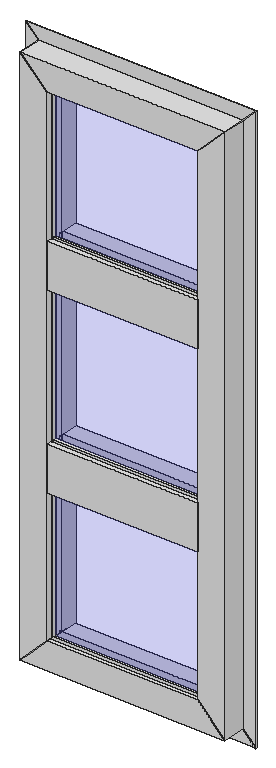
Revit family "511_3V_PW_nailfin", category Windows, host Wall, Revit 2016
Family settings
  Host = Wall
  OmniClass Number = 23.30.20.00
  OmniClass Title = Windows
  Always vertical = Yes
  Cut with Voids When Loaded = No
  Shared = No
  Room Calculation Point = No
Parameters (values of type "18x48")
  MLW = 1 / 8 * Bar set2  # 2"
  Interior Color [instance] = White
  Height = 48"
  Exterior Color [instance] = White
  Default Sill Height = 31.49606"
  Wall Closure = By host
  Width = 18"
  Bar set2 = 1 / 3 * Height  # 16"
  Bar set = 2 / 3 * Height  # 32"
Types (127): name | MLW | Interior Color | Height | Exterior Color | Width | Bar set2 | Bar set
  (no name) | 2" | White | 48" | White | 18" | 16" | 32"
  36x72 | 3" | none | 72" | none | 36" | 24" | 48"
  24x48 | 2" | none | 48" | none | 24" | 16" | 32"
  12x36Min | 1 1/2" | none | 36" | none | 12" | 12" | 24"
  72x120Max | 5" | none | 120" | none | 72" | 40" | 80"
  48x120 | 5" | none | 120" | none | 48" | 40" | 80"
  60x120 | 5" | none | 120" | none | 60" | 40" | 80"
  12x42 | 1 3/4" | none | 42" | none | 12" | 14" | 28"
  12x48 | 2" | none | 48" | none | 12" | 16" | 32"
  12x54 | 2 1/4" | none | 54" | none | 12" | 18" | 36"
  12x60 | 2 1/2" | none | 60" | none | 12" | 20" | 40"
  12x66 | 2 3/4" | none | 66" | none | 12" | 22" | 44"
  18x36 | 1 1/2" | none | 36" | none | 18" | 12" | 24"
  18x42 | 1 3/4" | none | 42" | none | 18" | 14" | 28"
  18x48 | 2" | White | 48" | White | 18" | 16" | 32"
  18x54 | 2 1/4" | none | 54" | none | 18" | 18" | 36"
  18x84 | 3 1/2" | none | 84" | none | 18" | 28" | 56"
  18x60 | 2 1/2" | none | 60" | none | 18" | 20" | 40"
  18x66 | 2 3/4" | none | 66" | none | 18" | 22" | 44"
  18x72 | 3" | none | 72" | none | 18" | 24" | 48"
  18x78 | 3 1/4" | none | 78" | none | 18" | 26" | 52"
  24x36 | 1 1/2" | none | 36" | none | 24" | 12" | 24"
  24x42 | 1 3/4" | none | 42" | none | 24" | 14" | 28"
  24x54 | 2 1/4" | none | 54" | none | 24" | 18" | 36"
  24x72 | 3" | none | 72" | none | 24" | 24" | 48"
  24x102 | 4 1/4" | none | 102" | none | 24" | 34" | 68"
  24x60 | 2 1/2" | none | 60" | none | 24" | 20" | 40"
  24x66 | 2 3/4" | none | 66" | none | 24" | 22" | 44"
  24x78 | 3 1/4" | none | 78" | none | 24" | 26" | 52"
  24x84 | 3 1/2" | none | 84" | none | 24" | 28" | 56"
  24x90 | 3 3/4" | none | 90" | none | 24" | 30" | 60"
  24x96 | 4" | none | 96" | none | 24" | 32" | 64"
  30x36 | 1 1/2" | none | 36" | none | 30" | 12" | 24"
  30x108 | 4 1/2" | none | 108" | none | 30" | 36" | 72"
  30x120 | 5" | none | 120" | none | 30" | 40" | 80"
  30x42 | 1 3/4" | none | 42" | none | 30" | 14" | 28"
  30x48 | 2" | none | 48" | none | 30" | 16" | 32"
  30x54 | 2 1/4" | none | 54" | none | 30" | 18" | 36"
  30x60 | 2 1/2" | none | 60" | none | 30" | 20" | 40"
  30x66 | 2 3/4" | none | 66" | none | 30" | 22" | 44"
  30x72 | 3" | none | 72" | none | 30" | 24" | 48"
  30x78 | 3 1/4" | none | 78" | none | 30" | 26" | 52"
  30x84 | 3 1/2" | none | 84" | none | 30" | 28" | 56"
  30x90 | 3 3/4" | none | 90" | none | 30" | 30" | 60"
  30x96 | 4" | none | 96" | none | 30" | 32" | 64"
  30x102 | 4 1/4" | none | 102" | none | 30" | 34" | 68"
  30x114 | 4 3/4" | none | 114" | none | 30" | 38" | 76"
  36x36 | 1 1/2" | none | 36" | none | 36" | 12" | 24"
  36x42 | 1 3/4" | none | 42" | none | 36" | 14" | 28"
  36x48 | 2" | none | 48" | none | 36" | 16" | 32"
  36x54 | 2 1/4" | none | 54" | none | 36" | 18" | 36"
  36x60 | 2 1/2" | none | 60" | none | 36" | 20" | 40"
  36x66 | 2 3/4" | none | 66" | none | 36" | 22" | 44"
  36x78 | 3 1/4" | none | 78" | none | 36" | 26" | 52"
  36x84 | 3 1/2" | none | 84" | none | 36" | 28" | 56"
  36x90 | 3 3/4" | none | 90" | none | 36" | 30" | 60"
  36x96 | 4" | none | 96" | none | 36" | 32" | 64"
  36x102 | 4 1/4" | none | 102" | none | 36" | 34" | 68"
  36x108 | 4 1/2" | none | 108" | none | 36" | 36" | 72"
  36x114 | 4 3/4" | none | 114" | none | 36" | 38" | 76"
  36x120 | 5" | none | 120" | none | 36" | 40" | 80"
  42x42 | 1 3/4" | none | 42" | none | 42" | 14" | 28"
  42x48 | 2" | none | 48" | none | 42" | 16" | 32"
  42x54 | 2 1/4" | none | 54" | none | 42" | 18" | 36"
  42x60 | 2 1/2" | none | 60" | none | 42" | 20" | 40"
  42x66 | 2 3/4" | none | 66" | none | 42" | 22" | 44"
  42x72 | 3" | none | 72" | none | 42" | 24" | 48"
  42x78 | 3 1/4" | none | 78" | none | 42" | 26" | 52"
  42x84 | 3 1/2" | none | 84" | none | 42" | 28" | 56"
  42x90 | 3 3/4" | none | 90" | none | 42" | 30" | 60"
  42x96 | 4" | none | 96" | none | 42" | 32" | 64"
  42x102 | 4 1/4" | none | 102" | none | 42" | 34" | 68"
  42x108 | 4 1/2" | none | 108" | none | 42" | 36" | 72"
  42x114 | 4 3/4" | none | 114" | none | 42" | 38" | 76"
  42x120 | 5" | none | 120" | none | 42" | 40" | 80"
  48x48 | 2" | none | 48" | none | 48" | 16" | 32"
  48x54 | 2 1/4" | none | 54" | none | 48" | 18" | 36"
  48x60 | 2 1/2" | none | 60" | none | 48" | 20" | 40"
  48x66 | 2 3/4" | none | 66" | none | 48" | 22" | 44"
  48x72 | 3" | none | 72" | none | 48" | 24" | 48"
  48x78 | 3 1/4" | none | 78" | none | 48" | 26" | 52"
  48x84 | 3 1/2" | none | 84" | none | 48" | 28" | 56"
  48x90 | 3 3/4" | none | 90" | none | 48" | 30" | 60"
  48x96 | 4" | none | 96" | none | 48" | 32" | 64"
  48x102 | 4 1/4" | none | 102" | none | 48" | 34" | 68"
  48x108 | 4 1/2" | none | 108" | none | 48" | 36" | 72"
  48x114 | 4 3/4" | none | 114" | none | 48" | 38" | 76"
  54x54 | 2 1/4" | none | 54" | none | 54" | 18" | 36"
  54x60 | 2 1/2" | none | 60" | none | 54" | 20" | 40"
  54x66 | 2 3/4" | none | 66" | none | 54" | 22" | 44"
  54x72 | 3" | none | 72" | none | 54" | 24" | 48"
  54x78 | 3 1/4" | none | 78" | none | 54" | 26" | 52"
  54x84 | 3 1/2" | none | 84" | none | 54" | 28" | 56"
  54x90 | 3 3/4" | none | 90" | none | 54" | 30" | 60"
  54x96 | 4" | none | 96" | none | 54" | 32" | 64"
  54x102 | 4 1/4" | none | 102" | none | 54" | 34" | 68"
  54x108 | 4 1/2" | none | 108" | none | 54" | 36" | 72"
  54x114 | 4 3/4" | none | 114" | none | 54" | 38" | 76"
  54x120 | 5" | none | 120" | none | 54" | 40" | 80"
  60x60 | 2 1/2" | none | 60" | none | 60" | 20" | 40"
  60x66 | 2 3/4" | none | 66" | none | 60" | 22" | 44"
  60x72 | 3" | none | 72" | none | 60" | 24" | 48"
  60x78 | 3 1/4" | none | 78" | none | 60" | 26" | 52"
  60x84 | 3 1/2" | none | 84" | none | 60" | 28" | 56"
  60x90 | 3 3/4" | none | 90" | none | 60" | 30" | 60"
  60x96 | 4" | none | 96" | none | 60" | 32" | 64"
  60x102 | 4 1/4" | none | 102" | none | 60" | 34" | 68"
  60x108 | 4 1/2" | none | 108" | none | 60" | 36" | 72"
  60x114 | 4 3/4" | none | 114" | none | 60" | 38" | 76"
  66x66 | 2 3/4" | none | 66" | none | 66" | 22" | 44"
  66x72 | 3" | none | 72" | none | 66" | 24" | 48"
  66x78 | 3 1/4" | none | 78" | none | 66" | 26" | 52"
  66x84 | 3 1/2" | none | 84" | none | 66" | 28" | 56"
  66x90 | 3 3/4" | none | 90" | none | 66" | 30" | 60"
  66x96 | 4" | none | 96" | none | 66" | 32" | 64"
  66x102 | 4 1/4" | none | 102" | none | 66" | 34" | 68"
  66x108 | 4 1/2" | none | 108" | none | 66" | 36" | 72"
  66x114 | 4 3/4" | none | 114" | none | 66" | 38" | 76"
  66x120 | 5" | none | 120" | none | 66" | 40" | 80"
  72x72 | 3" | none | 72" | none | 72" | 24" | 48"
  72x78 | 3 1/4" | none | 78" | none | 72" | 26" | 52"
  72x84 | 3 1/2" | none | 84" | none | 72" | 28" | 56"
  72x90 | 3 3/4" | none | 90" | none | 72" | 30" | 60"
  72x96 | 4" | none | 96" | none | 72" | 32" | 64"
  72x102 | 4 1/4" | none | 102" | none | 72" | 34" | 68"
  72x108 | 4 1/2" | none | 108" | none | 72" | 36" | 72"
  72x114 | 4 3/4" | none | 114" | none | 72" | 38" | 76"
Reference planes (in)
  plane 1 "Center (Front/Back)": y = 0
  plane 2 "Center (Left/Right)": x = 0
  plane 3 "Left": x = -9
  plane 4 "Right": x = 9
  plane 5 "Sill": z = 31.49606
  plane 6 "Head": z = 79.49606
  plane 7 "Exterior": y = 3.93701
  plane 8 "Interior": y = -3.93701
  plane 9 "Front of wall": y = 3.93701
  plane 10 "Bar set": z = 47.49606
  plane 11: z = 33.55906
  plane 12: z = 77.43306
  plane 13: z = 49.12006
  plane 14: z = 45.84506
  plane 15: x = -6.937
  plane 16: x = 6.937
  plane 17 "Bar set2": z = 63.49606
  plane 18: z = 65.12006
  plane 19: z = 61.84506
Forms (in)
  Extrusion 1, solid, material "White" <- "Interior Color"
    sketch origin (0, 0, 0) x (0, -1, 0) y (0, 0, 1)
      loop
        line (-5.30701, 47.6375) -> (-5.30701, 47.35463) -> (-4.78995, 47.28196) -> (-4.78995, 45.34171) -> (-3.25701, 45.34171) -> (-3.25701, 45.84506) -> (-2.51251, 45.84506) -> (-2.51251, 45.34506) -> (-2.26201, 45.34506) -> (-2.26201, 45.55906) -> (-1.88701, 45.55906) -> (-1.88701, 49.43306) -> (-2.26201, 49.43306) -> (-2.26201, 49.62106) -> (-2.51251, 49.62106) -> (-2.51251, 49.12006) -> (-3.25701, 49.12006) -> (-3.25701, 49.62428) -> (-4.78988, 49.62428) -> (-4.78988, 47.71017) -> (-5.30701, 47.6375)
    from -9 to 9
  Sweep 2, void
    path in 3D
      loop
        line (7.53843, 9.138, 47.49606) -> (7.53843, 3.93701, 47.49606)
    profile origin (7.53843, 6.5375, 47.49606) x (1, 0, 0) y (0, 0, 1)
      loop
        line (-2.44053, 2.12821) -> (-2.44053, -2.15435) -> (0.80947, -2.15435) -> (0.80947, 2.12821) -> (-2.44053, 2.12821)
  Sweep 3, void
    path in 3D
      loop
        line (-6.10818, 8.55312, 47.49606) -> (-6.10818, 3.93701, 47.49606)
    profile origin (-6.10818, 6.24507, 47.49606) x (1, 0, 0) y (0, 0, 1)
      loop
        line (0.26027, 2.12821) -> (-2.23973, 2.12821) -> (-2.23973, -2.15435) -> (0.26027, -2.15435) -> (0.26027, 2.12821)
  Extrusion 4, void
    sketch origin (0, 3.93701, 0) x (1, 0, 0) y (0, 0, 1)
      loop
        line (-6.625, 49.43306) -> (-6.437, 49.43306) -> (-6.437, 50.12428) -> (-12.10864, 50.12428) -> (-12.10864, 44.87428) -> (-6.437, 44.87428) -> (-6.437, 45.55906) -> (-6.625, 45.55906) -> (-6.625, 49.43306)
    from 0 to 12
  Extrusion 5, void
    sketch origin (0, 3.93701, 0) x (1, 0, 0) y (0, 0, 1)
      loop
        line (6.625, 49.43306) -> (6.625, 45.55906) -> (6.437, 45.55906) -> (6.437, 44.62428) -> (10.875, 44.62428) -> (10.875, 50.12428) -> (6.437, 50.12428) -> (6.437, 49.43306) -> (6.625, 49.43306)
    from 0 to 12
  Sweep 6, void
    path in 3D
      loop
        line (7.53843, 9.138, 47.49606) -> (7.53843, 3.93701, 47.49606)
    profile origin (7.53843, 6.5375, 47.49606) x (1, 0, 0) y (0, 0, 1)
      loop
        line (1.16639, -2.58466) -> (3.91639, -2.58466) -> (3.91639, 2.30054) -> (1.16639, 2.30054) -> (1.16639, -2.58466)
  Sweep 7, void
    path in 3D
      loop
        line (-6.10818, 8.55312, 47.49606) -> (-6.10818, 3.93701, 47.49606)
    profile origin (-6.10818, 6.24507, 47.49606) x (1, 0, 0) y (0, 0, 1)
      loop
        line (-2.50492, -2.51798) -> (-2.50492, 2.73202) -> (-5.00492, 2.73202) -> (-5.00492, -2.51798) -> (-2.50492, -2.51798)
  Extrusion 8, void
    sketch origin (0, 3.93701, 12) x (1, 0, 0) y (0, 0, 1)
      loop
        line (-6.625, 53.43306) -> (-6.437, 53.43306) -> (-6.437, 54.12428) -> (-14.92463, 54.12428) -> (-14.92463, 48.87428) -> (-6.437, 48.87428) -> (-6.437, 49.55906) -> (-6.625, 49.55906) -> (-6.625, 53.43306)
    from 0 to 12
  Extrusion 9, solid, material "Glass"
    sketch origin (0, 0, 12) x (0, -1, 0) y (0, 0, 1)
      loop
        line (-3.25701, 65.43306) -> (-3.25701, 53.12006) -> (-2.51251, 53.12006) -> (-2.51251, 65.43306) -> (-3.25701, 65.43306)
    from -6.937 to 6.937
  Sweep 10, void
    path in 3D
      loop
        line (6.29269, 7.92351, 63.49606) -> (6.29269, 3.93701, 63.49606)
    profile origin (6.29269, 5.93026, 63.49606) x (1, 0, 0) y (0, 0, 1)
      loop
        line (-0.29269, -2.15435) -> (2.05521, -2.15435) -> (2.05521, 2.12821) -> (-0.29269, 2.12821) -> (-0.29269, -2.15435)
  Sweep 11, void
    path in 3D
      loop
        line (6.29269, 7.92351, 63.49606) -> (6.29269, 3.93701, 63.49606)
    profile origin (6.29269, 5.93026, 63.49606) x (1, 0, 0) y (0, 0, 1)
      loop
        line (2.33542, 2.50991) -> (2.33542, -2.99009) -> (4.83542, -2.99009) -> (4.83542, 2.50991) -> (2.33542, 2.50991)
  Sweep 12, void
    path in 3D
      loop
        line (-5.37564, 8.20539, 63.49606) -> (-5.37564, 3.93701, 63.49606)
    profile origin (-5.37564, 6.0712, 63.49606) x (1, 0, 0) y (0, 0, 1)
      loop
        line (-0.62436, -2.15435) -> (-0.62436, 2.12821) -> (-2.97227, 2.12821) -> (-2.97227, -2.15435) -> (-0.62436, -2.15435)
  Sweep 13, void
    path in 3D
      loop
        line (-5.37564, 8.20539, 63.49606) -> (-5.37564, 3.93701, 63.49606)
    profile origin (-5.37564, 6.0712, 63.49606) x (1, 0, 0) y (0, 0, 1)
      loop
        line (-3.32526, -2.42265) -> (-3.32526, 2.57735) -> (-6.67814, 2.57735) -> (-6.67814, -2.42265) -> (-3.32526, -2.42265)
  Extrusion 14, void
    sketch origin (0, 3.93701, 0) x (1, 0, 0) y (0, 0, 1)
      loop
        line (6.437, 66.84506) -> (6.437, 65.43306) -> (6.625, 65.43306) -> (6.625, 61.55906) -> (6.437, 61.55906) -> (6.437, 60.34506) -> (12.24074, 60.34506) -> (12.24074, 66.84506) -> (6.437, 66.84506)
    from 0 to 12
  Extrusion 15, solid, material "White" <- "Interior Color"
    sketch origin (0, 0, 0) x (0, -1, 0) y (0, 0, 1)
      loop
        line (-5.07401, 31.49606) -> (-4.01201, 31.49606) -> (-4.01201, 30.37106) -> (-3.93701, 30.37106) -> (-3.93701, 31.49606) -> (-1.88701, 31.49606) -> (-1.88701, 33.87106) -> (-2.26201, 33.87106) -> (-2.26201, 34.05906) -> (-2.51251, 34.05906) -> (-2.51251, 33.55906) -> (-3.25701, 33.55906) -> (-3.25701, 34.06237) -> (-4.78999, 34.06237) -> (-4.78999, 32.14816) -> (-5.38701, 32.06425) -> (-5.38701, 31.47606) -> (-5.26201, 31.47606) -> (-5.26201, 31.51606) -> (-5.10865, 31.51606) -> (-5.07401, 31.49606)
    from -10.125 to 10.125
  Extrusion 16, solid, material "White" <- "Interior Color"
    sketch origin (0, 0, 0) x (0, -1, 0) y (0, 0, 1)
      loop
        line (-5.1169, 79.47606) -> (-5.26201, 79.47606) -> (-5.26201, 79.51606) -> (-5.38701, 79.51606) -> (-5.38701, 78.92787) -> (-4.78995, 78.84396) -> (-4.78995, 76.90371) -> (-3.25701, 76.90371) -> (-3.25701, 77.43306) -> (-2.51251, 77.43306) -> (-2.51251, 76.93306) -> (-2.26201, 76.93306) -> (-2.26201, 77.12106) -> (-1.88701, 77.12106) -> (-1.88701, 79.49606) -> (-3.93701, 79.49606) -> (-3.93701, 80.62106) -> (-4.01201, 80.62106) -> (-4.01201, 79.49606) -> (-5.07401, 79.49606) -> (-5.1169, 79.47606)
    from -10.125 to 10.125
  Extrusion 17, solid, material "White" <- "Interior Color"
    sketch origin (0, 0, 63.49606) x (1, 0, 0) y (0, 1, 0)
      loop
        line (8.98, 5.10257) -> (8.98, 5.26201) -> (9.02, 5.26201) -> (9.02, 5.38701) -> (8.43181, 5.38701) -> (8.3479, 4.78995) -> (6.43492, 4.78995) -> (6.43492, 3.25701) -> (6.937, 3.25701) -> (6.937, 2.51251) -> (6.437, 2.51251) -> (6.437, 2.26201) -> (6.625, 2.26201) -> (6.625, 1.88701) -> (9, 1.88701) -> (9, 3.93701) -> (10.125, 3.93701) -> (10.125, 4.01201) -> (9, 4.01201) -> (9, 5.07401) -> (8.98, 5.10257)
    from -33.125 to 17.125
  Extrusion 18, solid, material "White" <- "Interior Color"
    sketch origin (0, 0, 63.49606) x (1, 0, 0) y (0, 1, 0)
      loop
        line (-6.437, 2.51251) -> (-6.937, 2.51251) -> (-6.937, 3.25701) -> (-6.41365, 3.25701) -> (-6.41365, 4.78995) -> (-8.3479, 4.78995) -> (-8.43181, 5.38701) -> (-9.02, 5.38701) -> (-9.02, 5.26201) -> (-8.98, 5.26201) -> (-8.98, 5.10257) -> (-9, 5.07401) -> (-9, 4.01201) -> (-10.125, 4.01201) -> (-10.125, 3.93701) -> (-9, 3.93701) -> (-9, 1.88701) -> (-6.625, 1.88701) -> (-6.625, 2.26201) -> (-6.437, 2.26201) -> (-6.437, 2.51251)
    from -33.125 to 17.125
  Sweep 19, void
    path in 3D
      loop
        line (8.08213, 8.93057, 79.49606) -> (8.08213, 3.93701, 79.49606)
    profile origin (8.08213, 6.43379, 79.49606) x (1, 0, 0) y (0, 0, 1)
      loop
        line (-4.83213, -2.59235) -> (0.26577, -2.59235) -> (0.26577, -0.6521) -> (2.74064, 1.82277) -> (-4.83213, 1.82277) -> (-4.83213, -2.59235)
  Sweep 20, void
    path in 3D
      loop
        line (8.08213, 8.93057, 79.49606) -> (8.08213, 3.93701, 79.49606)
    profile origin (8.08213, 6.43379, 79.49606) x (1, 0, 0) y (0, 0, 1)
      loop
        line (0.26577, -5.09851) -> (2.81937, -5.09851) -> (2.81937, 1.90149) -> (0.26577, -0.6521) -> (0.26577, -5.09851)
  Sweep 21, void
    path in 3D
      loop
        line (-7.51811, 9.3099, 79.49606) -> (-7.51811, 3.93701, 79.49606)
    profile origin (-7.51811, 6.62345, 79.49606) x (1, 0, 0) y (0, 0, 1)
      loop
        line (1.69533, -2.59235) -> (1.69533, 1.82277) -> (-3.30467, 1.82277) -> (-0.82979, -0.6521) -> (-0.82979, -2.59235) -> (1.69533, -2.59235)
  Sweep 22, void
    path in 3D
      loop
        line (-7.51811, 9.3099, 79.49606) -> (-7.51811, 3.93701, 79.49606)
    profile origin (-7.51811, 6.62345, 79.49606) x (1, 0, 0) y (0, 0, 1)
      loop
        line (-0.82979, -4.42723) -> (-0.82979, -0.6521) -> (-3.30467, 1.82277) -> (-3.30467, -4.42723) -> (-0.82979, -4.42723)
  Sweep 23, void
    path in 3D
      loop
        line (-8.26811, 9.3099, 31.49606) -> (-8.26811, 3.93701, 31.49606)
    profile origin (-8.26811, 6.62345, 31.49606) x (1, 0, 0) y (0, 0, 1)
      loop
        line (3.51811, 2.56631) -> (-0.07979, 2.56631) -> (-0.07979, 0.6521) -> (-2.66559, -1.93369) -> (3.51811, -1.93369) -> (3.51811, 2.56631)
  Sweep 24, void
    path in 3D
      loop
        line (-8.26811, 9.3099, 31.49606) -> (-8.26811, 3.93701, 31.49606)
    profile origin (-8.26811, 6.62345, 31.49606) x (1, 0, 0) y (0, 0, 1)
      loop
        line (-0.07979, 3.40148) -> (-2.13828, 3.40148) -> (-2.13828, -1.40639) -> (-0.07979, 0.6521) -> (-0.07979, 3.40148)
  Sweep 25, void
    path in 3D
      loop
        line (9.58213, 8.93057, 31.49606) -> (9.58213, 3.93701, 31.49606)
    profile origin (9.58213, 6.43379, 31.49606) x (1, 0, 0) y (0, 0, 1)
      loop
        line (-5.08213, 2.56631) -> (-5.08213, -1.46923) -> (0.88709, -1.46923) -> (-1.23423, 0.65209) -> (-1.23423, 2.56631) -> (-5.08213, 2.56631)
  Sweep 26, void
    path in 3D
      loop
        line (9.58213, 8.93057, 31.49606) -> (9.58213, 3.93701, 31.49606)
    profile origin (9.58213, 6.43379, 31.49606) x (1, 0, 0) y (0, 0, 1)
      loop
        line (-1.23423, 4.75) -> (-1.23423, 0.65209) -> (0.88709, -1.46923) -> (0.88709, 4.75) -> (-1.23423, 4.75)
  Extrusion 27, void
    sketch origin (0, 3.93701, 0) x (1, 0, 0) y (0, 0, 1)
      loop
        line (-5.75, 76.93306) -> (-5.75, 80.71651) -> (-10.22044, 80.71651) -> (-6.625, 77.12106) -> (-6.625, 76.93306) -> (-5.75, 76.93306)
    from 0 to 12
  Extrusion 28, void
    sketch origin (0, 3.93701, 0) x (1, 0, 0) y (0, 0, 1)
      loop
        line (-6.625, 75.99606) -> (-6.625, 77.12106) -> (-11.5, 81.99606) -> (-11.5, 75.99606) -> (-6.625, 75.99606)
    from 0 to 12
  Extrusion 29, void
    sketch origin (0, 3.93701, 0) x (1, 0, 0) y (0, 0, 1)
      loop
        line (4.83731, 76.93306) -> (6.625, 76.93306) -> (6.625, 77.12106) -> (10.33731, 80.83337) -> (4.83731, 80.83337) -> (4.83731, 76.93306)
    from 0 to 12
  Extrusion 30, void
    sketch origin (0, 3.93701, 0) x (1, 0, 0) y (0, 0, 1)
      loop
        line (6.625, 75.8675) -> (12.19319, 75.8675) -> (12.19319, 82.68925) -> (6.625, 77.12106) -> (6.625, 75.8675)
    from 0 to 12
  Extrusion 31, void
    sketch origin (0, 3.93701, 0) x (1, 0, 0) y (0, 0, 1)
      loop
        line (5.5, 34.05906) -> (5.5, 28.87701) -> (11.61905, 28.87701) -> (6.625, 33.87106) -> (6.625, 34.05906) -> (5.5, 34.05906)
    from 0 to 12
  Extrusion 32, void
    sketch origin (0, 3.93701, 0) x (1, 0, 0) y (0, 0, 1)
      loop
        line (6.625, 35.15381) -> (6.625, 33.87106) -> (11.25, 29.24606) -> (11.25, 35.15381) -> (6.625, 35.15381)
    from 0 to 12
  Extrusion 33, void
    sketch origin (0, 3.93701, 0) x (1, 0, 0) y (0, 0, 1)
      loop
        line (-5.6302, 34.05906) -> (-6.625, 34.05906) -> (-6.625, 33.87106) -> (-10.88328, 29.61278) -> (-5.6302, 29.61278) -> (-5.6302, 34.05906)
    from 0 to 12
  Extrusion 34, void
    sketch origin (0, 3.93701, 0) x (1, 0, 0) y (0, 0, 1)
      loop
        line (-6.625, 35.58553) -> (-11.06479, 35.58553) -> (-11.06479, 29.43127) -> (-6.625, 33.87106) -> (-6.625, 35.58553)
    from 0 to 12
  Extrusion 35, solid, material "White" <- "Interior Color"
    sketch origin (0, 0, 0) x (0, -1, 0) y (0, 0, 1)
      loop
        line (-2.51251, 61.37106) -> (-2.26201, 61.37106) -> (-2.26201, 61.55906) -> (-1.88701, 61.55906) -> (-1.88701, 65.43306) -> (-2.26201, 65.43306) -> (-2.26201, 65.62106) -> (-2.51251, 65.62106) -> (-2.51251, 65.12006) -> (-3.25701, 65.12006) -> (-3.25701, 65.62428) -> (-4.78988, 65.62428) -> (-4.78988, 63.71017) -> (-5.30701, 63.6375) -> (-5.30701, 63.35463) -> (-4.78995, 63.28196) -> (-4.78995, 61.34171) -> (-3.25701, 61.34171) -> (-3.25701, 61.84506) -> (-2.51251, 61.84506) -> (-2.51251, 61.37106)
    from -9 to 9
  Extrusion 36, solid, material "Glass"
    sketch origin (0, 0, 0) x (0, -1, 0) y (0, 0, 1)
      loop
        line (-3.25701, 61.84506) -> (-3.25701, 49.12006) -> (-2.51251, 49.12006) -> (-2.51251, 61.84506) -> (-3.25701, 61.84506)
    from -6.937 to 6.937
  Extrusion 37, solid, material "Glass"
    sketch origin (0, 0, 0) x (0, -1, 0) y (0, 0, 1)
      loop
        line (-3.25701, 45.84506) -> (-3.25701, 33.55906) -> (-2.51251, 33.55906) -> (-2.51251, 45.84506) -> (-3.25701, 45.84506)
    from -6.937 to 6.937
Cuts and joins
  Extrusion 4, Extrusion 5, Sweep 6, Sweep 7, Extrusion 8 cuts Extrusion 1
  Sweep 2, Sweep 10, Sweep 19, Sweep 25, Extrusion 29, Extrusion 31 cuts Extrusion 17
  Sweep 3, Sweep 12, Sweep 21, Sweep 23, Extrusion 27, Extrusion 33 cuts Extrusion 18
  Sweep 20, Sweep 22, Extrusion 28, Extrusion 30 cuts Extrusion 16
  Sweep 24, Sweep 26, Extrusion 32, Extrusion 34 cuts Extrusion 15
  Extrusion 8, Sweep 11, Sweep 13, Extrusion 14 cuts Extrusion 35
Lines and regions (in)
  Opening 1
    outline origin (137.79528, -3.93701, 0) x (1, 0, 0) y (0, 0, 1)
      loop
        line (-128.79528, 31.49606) -> (-128.79528, 79.49606) -> (-146.79528, 79.49606) -> (-146.79528, 31.49606) -> (-128.79528, 31.49606)
  reference lines
    curve 1: line (9, 3.93701, 79.49606) -> (-9, 3.93701, 79.49606)
    curve 2: line (-9, 3.93701, 79.49606) -> (-9, 3.93701, 31.49606)
    curve 3: line (-9, 3.93701, 31.49606) -> (9, 3.93701, 31.49606)
    curve 4: line (9, 3.93701, 31.49606) -> (9, 3.93701, 79.49606)
    curve 5: line (-6.10818, 8.55312, 47.49606) -> (-6.10818, 3.93701, 47.49606)
    curve 6: line (7.53843, 9.138, 47.49606) -> (7.53843, 3.93701, 47.49606)
    curve 11: line (-5.37564, 8.20539, 63.49606) -> (-5.37564, 3.93701, 63.49606)
    curve 12: line (6.29269, 7.92351, 63.49606) -> (6.29269, 3.93701, 63.49606)
    curve 17: line (-8.26811, 9.3099, 31.49606) -> (-8.26811, 3.93701, 31.49606)
    curve 18: line (-7.51811, 9.3099, 79.49606) -> (-7.51811, 3.93701, 79.49606)
    curve 19: line (8.08213, 8.93057, 79.49606) -> (8.08213, 3.93701, 79.49606)
    curve 20: line (9.58213, 8.93057, 31.49606) -> (9.58213, 3.93701, 31.49606)
    curve 29: line (2.5, 3.93701, 73.99606) -> (-2.5, 3.93701, 73.99606)
    curve 30: line (2.5, 3.93701, 68.99606) -> (2.5, 3.93701, 73.99606)
    curve 31: line (-2.5, 3.93701, 68.99606) -> (2.5, 3.93701, 68.99606)
    curve 32: line (-2.5, 3.93701, 73.99606) -> (-2.5, 3.93701, 68.99606)
    curve 36: line (0, 3.93701, 68.99606) -> (0, 3.93701, 75.49606)
    curve 37: line (2.5, 3.93701, 71.49606) -> (-1.62794, 3.93701, 71.49606)
    curve 38: line (2.5, 3.93701, 57.99606) -> (-2.5, 3.93701, 57.99606)
    curve 39: line (2.5, 3.93701, 52.99606) -> (2.5, 3.93701, 57.99606)
    curve 40: line (-2.5, 3.93701, 52.99606) -> (2.5, 3.93701, 52.99606)
    curve 41: line (-2.5, 3.93701, 57.99606) -> (-2.5, 3.93701, 52.99606)
    curve 45: line (0, 3.93701, 52.99606) -> (0, 3.93701, 59.49606)
    curve 46: line (2.5, 3.93701, 55.49606) -> (-1.62794, 3.93701, 55.49606)
    curve 47: line (2.5, 3.93701, 41.99606) -> (-2.5, 3.93701, 41.99606)
    curve 48: line (2.5, 3.93701, 36.99606) -> (2.5, 3.93701, 41.99606)
    curve 49: line (-2.5, 3.93701, 36.99606) -> (2.5, 3.93701, 36.99606)
    curve 50: line (-2.5, 3.93701, 41.99606) -> (-2.5, 3.93701, 36.99606)
    curve 54: line (0, 3.93701, 36.99606) -> (0, 3.93701, 43.49606)
    curve 55: line (2.5, 3.93701, 39.49606) -> (-1.62794, 3.93701, 39.49606)
    curve 56: line (2.5, 0, 74.80806) -> (-2.5, 0, 74.80806)
    curve 57: line (2.5, 0, 69.80806) -> (2.5, 0, 74.80806)
    curve 58: line (-2.5, 0, 69.80806) -> (2.5, 0, 69.80806)
    curve 59: line (-2.5, 0, 74.80806) -> (-2.5, 0, 69.80806)
    curve 60: line (0, 0, 69.80806) -> (0, 0, 76.30806)
    curve 61: line (2.5, 0, 72.30806) -> (-5, 0, 72.30806)
    curve 65: line (2.5, 0, 58.80806) -> (-2.5, 0, 58.80806)
    curve 66: line (2.5, 0, 53.80806) -> (2.5, 0, 58.80806)
    curve 67: line (-2.5, 0, 53.80806) -> (2.5, 0, 53.80806)
    curve 68: line (-2.5, 0, 58.80806) -> (-2.5, 0, 53.80806)
    curve 69: line (0, 0, 53.80806) -> (0, 0, 60.30806)
    curve 70: line (2.5, 0, 56.30806) -> (-5, 0, 56.30806)
    curve 74: line (2.5, 0, 41.99606) -> (-2.5, 0, 41.99606)
    curve 75: line (2.5, 0, 36.99606) -> (2.5, 0, 41.99606)
    curve 76: line (-2.5, 0, 36.99606) -> (2.5, 0, 36.99606)
    curve 77: line (-2.5, 0, 41.99606) -> (-2.5, 0, 36.99606)
    curve 78: line (0, 0, 36.99606) -> (0, 0, 43.49606)
    curve 79: line (2.5, 0, 39.49606) -> (-5, 0, 39.49606)
  sketch lines
    curve 7: line (7.53843, 9.138, 47.49606) -> (7.53843, 3.93701, 47.49606)
    curve 8: line (-6.10818, 8.55312, 47.49606) -> (-6.10818, 3.93701, 47.49606)
    curve 9: line (7.53843, 9.138, 47.49606) -> (7.53843, 3.93701, 47.49606)
    curve 10: line (-6.10818, 8.55312, 47.49606) -> (-6.10818, 3.93701, 47.49606)
    curve 13: line (6.29269, 7.92351, 63.49606) -> (6.29269, 3.93701, 63.49606)
    curve 14: line (6.29269, 7.92351, 63.49606) -> (6.29269, 3.93701, 63.49606)
    curve 15: line (-5.37564, 8.20539, 63.49606) -> (-5.37564, 3.93701, 63.49606)
    curve 16: line (-5.37564, 8.20539, 63.49606) -> (-5.37564, 3.93701, 63.49606)
    curve 21: line (8.08213, 8.93057, 79.49606) -> (8.08213, 3.93701, 79.49606)
    curve 22: line (8.08213, 8.93057, 79.49606) -> (8.08213, 3.93701, 79.49606)
    curve 23: line (-7.51811, 9.3099, 79.49606) -> (-7.51811, 3.93701, 79.49606)
    curve 24: line (-7.51811, 9.3099, 79.49606) -> (-7.51811, 3.93701, 79.49606)
    curve 25: line (-8.26811, 9.3099, 31.49606) -> (-8.26811, 3.93701, 31.49606)
    curve 26: line (-8.26811, 9.3099, 31.49606) -> (-8.26811, 3.93701, 31.49606)
    curve 27: line (9.58213, 8.93057, 31.49606) -> (9.58213, 3.93701, 31.49606)
    curve 28: line (9.58213, 8.93057, 31.49606) -> (9.58213, 3.93701, 31.49606)
  model lines
    curve 33: line (2.5, 3.93701, 73.99606) -> (-2.5, 3.93701, 68.99606)
    curve 34: line (-2.5, 3.93701, 71.49606) -> (0, 3.93701, 73.99606)
    curve 35: line (0, 3.93701, 68.99606) -> (2.5, 3.93701, 71.49606)
    curve 42: line (2.5, 3.93701, 57.99606) -> (-2.5, 3.93701, 52.99606)
    curve 43: line (-2.5, 3.93701, 55.49606) -> (0, 3.93701, 57.99606)
    curve 44: line (0, 3.93701, 52.99606) -> (2.5, 3.93701, 55.49606)
    curve 51: line (2.5, 3.93701, 41.99606) -> (-2.5, 3.93701, 36.99606)
    curve 52: line (-2.5, 3.93701, 39.49606) -> (0, 3.93701, 41.99606)
    curve 53: line (0, 3.93701, 36.99606) -> (2.5, 3.93701, 39.49606)
  symbolic lines
    curve 62: line (0, 3.93701, 69.80806) -> (2.5, 3.93701, 72.30806)
    curve 63: line (-2.5, 3.93701, 69.80806) -> (2.5, 3.93701, 74.80806)
    curve 64: line (-2.5, 3.93701, 72.30806) -> (0, 3.93701, 74.80806)
    curve 71: line (0, 3.93701, 53.80806) -> (2.5, 3.93701, 56.30806)
    curve 72: line (-2.5, 3.93701, 53.80806) -> (2.5, 3.93701, 58.80806)
    curve 73: line (-2.5, 3.93701, 56.30806) -> (0, 3.93701, 58.80806)
    curve 80: line (0, 3.93701, 36.99606) -> (2.5, 3.93701, 39.49606)
    curve 81: line (-2.5, 3.93701, 36.99606) -> (2.5, 3.93701, 41.99606)
    curve 82: line (-2.5, 3.93701, 39.49606) -> (0, 3.93701, 41.99606)
Text (in)
  text "EXTERIOR" at (-77.29147, 52.45485, 0), in view "Ref. Level"
  text "INTERIOR" at (-78.01048, -32.21994, 0), in view "Ref. Level"
  text "Exterior" at (0, 36.36817, 115.8778), in view "Right"
  text "Exterior" at (0, 40.96394, 105.72475), in view "Left"
Dimensions and locks (in)
  equal spacing: plane 3 "Left", plane 2 "Center (Left/Right)", plane 4 "Right"
  "Width": plane 3 "Left" to plane 4 "Right"
  "Height": plane 5 "Sill" to plane 6 "Head"
  "Default Sill Height": plane 5 "Sill" to level
  locked: plane 7 "Exterior" to host wall at 0
  locked: plane 8 "Interior" to host wall
  "Bar set": plane 10 "Bar set" to plane 6 "Head"
  locked: plane 14 to plane 10 "Bar set" at 1.651
  locked: plane 13 to plane 10 "Bar set" at 1.624
  locked: plane 5 "Sill" to plane 11 at 2.063
  locked: plane 12 to plane 6 "Head" at 2.063
  locked: Extrusion 1 sketch curve to plane 10 "Bar set" at 1.937
  locked: plane 10 "Bar set" to Extrusion 1 sketch curve at 1.937
  locked: Extrusion 1 sketch curve to plane 10 "Bar set" at 0.14143
  locked: plane 10 "Bar set" to Extrusion 1 sketch curve at 0.14143
  locked: plane 16 to plane 4 "Right" at 2.063
  locked: plane 3 "Left" to plane 15 at 2.063
  locked: plane 19 to plane 17 "Bar set2" at 1.651
  locked: plane 18 to plane 17 "Bar set2" at 1.624
  "Bar set2": plane 17 "Bar set2" to plane 6 "Head"
  locked: Extrusion 15 sketch curve to plane 5 "Sill" at 1.125
  locked: plane 9 "Front of wall" to Extrusion 15 sketch curve at 2.05
  locked: Extrusion 15 sketch curve to Extrusion 15 sketch curve at 2.375
  locked: plane 6 "Head" to Extrusion 16 sketch curve at 1.125
  locked: plane 9 "Front of wall" to Extrusion 16 sketch curve at 2.05
  locked: Extrusion 16 sketch curve to Extrusion 16 sketch curve at 2.375
  locked: plane 4 "Right" to Extrusion 17 sketch curve at 1.125
  locked: Extrusion 17 sketch curve to plane 9 "Front of wall" at 2.05
  locked: Extrusion 17 sketch curve to Extrusion 17 sketch curve at 2.375
  locked: Extrusion 18 sketch curve to plane 3 "Left" at 1.125
  locked: Extrusion 18 sketch curve to plane 9 "Front of wall" at 2.05
  locked: Extrusion 18 sketch curve to Extrusion 18 sketch curve at 2.375
  locked: plane 9 "Front of wall" to Extrusion 35 sketch curve at 2.05
  equal spacing: curve 34, curve 33, curve 35
  locked: curve 30 to curve 32 at 5
  locked: curve 31 to curve 29 at 5
  equal spacing: curve 32, curve 36, curve 30
  equal spacing: curve 31, curve 37, curve 29
  equal spacing: curve 43, curve 42, curve 44
  locked: curve 39 to curve 41 at 5
  locked: curve 40 to curve 38 at 5
  equal spacing: curve 41, curve 45, curve 39
  equal spacing: curve 40, curve 46, curve 38
  equal spacing: plane 3 "Left", curve 45, plane 4 "Right"
  equal spacing: plane 10 "Bar set", curve 46, plane 17 "Bar set2"
  equal spacing: plane 17 "Bar set2", curve 37, plane 6 "Head"
  equal spacing: plane 3 "Left", curve 36, plane 4 "Right"
  equal spacing: curve 52, curve 51, curve 53
  locked: curve 48 to curve 50 at 5
  locked: curve 49 to curve 47 at 5
  equal spacing: curve 50, curve 54, curve 48
  equal spacing: curve 49, curve 55, curve 47
  equal spacing: plane 3 "Left", curve 54, plane 4 "Right"
  equal spacing: plane 5 "Sill", curve 55, plane 10 "Bar set"
  locked: curve 57 to curve 59 at 5
  locked: curve 58 to curve 56 at 5
  equal spacing: curve 59, curve 60, curve 57
  equal spacing: curve 58, curve 61, curve 56
  locked: curve 66 to curve 68 at 5
  locked: curve 67 to curve 65 at 5
  equal spacing: curve 68, curve 69, curve 66
  equal spacing: curve 67, curve 70, curve 65
  locked: curve 75 to curve 77 at 5
  locked: curve 76 to curve 74 at 5
  equal spacing: curve 77, curve 78, curve 75
  equal spacing: curve 76, curve 79, curve 74
  equal spacing: plane 3 "Left", curve 78, plane 4 "Right"
  equal spacing: plane 10 "Bar set", curve 79, plane 5 "Sill"
  equal spacing: plane 3 "Left", curve 69, plane 4 "Right"
  equal spacing: plane 3 "Left", curve 60, plane 4 "Right"
  equal spacing: plane 6 "Head", curve 61, plane 18
  equal spacing: plane 18, curve 70, plane 10 "Bar set"
  aligned and locked: plane 9 "Front of wall" to host wall
  aligned and locked: plane 6 "Head" to curve 1
  aligned and locked: plane 4 "Right" to curve 4
  aligned and locked: curve 2 to plane 3 "Left"
  aligned and locked: curve 3 to plane 5 "Sill"
  aligned and locked: plane 13 to Extrusion 1 sketch curve
  aligned and locked: Extrusion 1 sketch curve to plane 14
  aligned and locked: plane 3 "Left" to Extrusion 1
  aligned and locked: Extrusion 1 to plane 4 "Right"
  aligned and locked: plane 9 "Front of wall" to curve 6
  aligned and locked: plane 9 "Front of wall" to curve 5
  aligned and locked: Extrusion 9 sketch curve to plane 18
  aligned and locked: plane 9 "Front of wall" to curve 12
  aligned and locked: plane 9 "Front of wall" to curve 11
  aligned and locked: Extrusion 9 to plane 12
  aligned and locked: plane 15 to Extrusion 9
  aligned and locked: Extrusion 9 to plane 16
  aligned and locked: Extrusion 15 sketch curve to plane 11
  aligned and locked: plane 5 "Sill" to Extrusion 15 sketch curve  (x2)
  aligned and locked: plane 9 "Front of wall" to Extrusion 15 sketch curve
  aligned and locked: Extrusion 16 sketch curve to plane 6 "Head"  (x2)
  aligned and locked: plane 9 "Front of wall" to Extrusion 16 sketch curve
  aligned and locked: plane 12 to Extrusion 16 sketch curve
  aligned and locked: Extrusion 17 sketch curve to plane 4 "Right"  (x2)
  aligned and locked: plane 9 "Front of wall" to Extrusion 17 sketch curve
  aligned and locked: plane 16 to Extrusion 17 sketch curve
  aligned and locked: plane 3 "Left" to Extrusion 18 sketch curve
  aligned and locked: plane 9 "Front of wall" to Extrusion 18 sketch curve
  aligned and locked: Extrusion 18 sketch curve to plane 15
  aligned and locked: Extrusion 15 to Extrusion 18  (x2)
  aligned and locked: Extrusion 17 to Extrusion 15  (x2)
  aligned and locked: Extrusion 18 to Extrusion 16  (x2)
  aligned and locked: Extrusion 16 to Extrusion 17  (x2)
  aligned and locked: plane 9 "Front of wall" to curve 19
  aligned and locked: plane 9 "Front of wall" to curve 20
  aligned and locked: plane 9 "Front of wall" to curve 18
  aligned and locked: plane 9 "Front of wall" to curve 17
  aligned and locked: Extrusion 35 sketch curve to plane 19
  aligned and locked: plane 18 to Extrusion 35 sketch curve
  aligned and locked: Extrusion 35 to plane 4 "Right"
  aligned and locked: plane 3 "Left" to Extrusion 35
  aligned and locked: Extrusion 36 sketch curve to plane 13
  aligned and locked: plane 14 to Extrusion 37 sketch curve
  aligned and locked: plane 11 to Extrusion 37 sketch curve
  aligned and locked: plane 15 to Extrusion 36
  aligned and locked: Extrusion 36 to plane 16
  aligned and locked: plane 15 to Extrusion 37
  aligned and locked: Extrusion 37 to plane 16
  aligned and locked: curve 29 to curve 32
  aligned and locked: curve 32 to curve 32
  aligned and locked: curve 30 to curve 30
  aligned and locked: curve 32 to curve 33
  aligned and locked: curve 33 to curve 29
  aligned and locked: curve 32 to curve 34
  aligned and locked: curve 31 to curve 35
  aligned and locked: curve 30 to curve 35
  aligned and locked: curve 38 to curve 41
  aligned and locked: curve 41 to curve 41
  aligned and locked: curve 39 to curve 39
  aligned and locked: curve 41 to curve 42
  aligned and locked: curve 41 to curve 43
  aligned and locked: curve 40 to curve 44
  aligned and locked: curve 39 to curve 44
  aligned and locked: curve 42 to curve 38
  aligned and locked: curve 38 to curve 43
  aligned and locked: curve 29 to curve 34
  aligned and locked: curve 47 to curve 50
  aligned and locked: curve 50 to curve 50
  aligned and locked: curve 48 to curve 48
  aligned and locked: curve 50 to curve 51
  aligned and locked: curve 51 to curve 47
  aligned and locked: curve 50 to curve 52
  aligned and locked: curve 49 to curve 53
  aligned and locked: curve 48 to curve 53
  aligned and locked: curve 47 to curve 52
  aligned and locked: curve 56 to curve 59
  aligned and locked: curve 59 to curve 59
  aligned and locked: curve 57 to curve 57
  aligned and locked: curve 58 to curve 62
  aligned and locked: curve 63 to curve 58
  aligned and locked: curve 59 to curve 64
  aligned and locked: curve 56 to curve 64
  aligned and locked: curve 57 to curve 63
  aligned and locked: curve 57 to curve 62
  aligned and locked: curve 65 to curve 68
  aligned and locked: curve 68 to curve 68
  aligned and locked: curve 66 to curve 66
  aligned and locked: curve 67 to curve 71
  aligned and locked: curve 72 to curve 67
  aligned and locked: curve 68 to curve 73
  aligned and locked: curve 65 to curve 73
  aligned and locked: curve 66 to curve 72
  aligned and locked: curve 66 to curve 71
  aligned and locked: curve 74 to curve 77
  aligned and locked: curve 77 to curve 77
  aligned and locked: curve 75 to curve 75
  aligned and locked: curve 76 to curve 80
  aligned and locked: curve 81 to curve 76
  aligned and locked: curve 77 to curve 82
  aligned and locked: curve 74 to curve 82
  aligned and locked: curve 75 to curve 81
  aligned and locked: curve 75 to curve 80
Automatic sketch dimensions
  host wall to Extrusion 1 sketch curve = 1.37"
  Extrusion 1 sketch curve to plane 10 "Bar set" = 0.2141"
  Extrusion 1 sketch curve to Extrusion 1 sketch curve = 0.51706"
  plane 10 "Bar set" to Extrusion 1 sketch curve = 0.21411"
  Extrusion 1 sketch curve to Extrusion 1 sketch curve = 0.00007"
  Extrusion 1 sketch curve to host wall = 0.68"  (x2)
  Extrusion 1 sketch curve to Extrusion 1 sketch curve = 0.7445"  (x2)
  Extrusion 1 sketch curve to Extrusion 1 sketch curve = 0.2505"  (x2)
  Extrusion 1 sketch curve to Extrusion 1 sketch curve = 3/8"
  Extrusion 1 sketch curve to Extrusion 1 sketch curve = 0.214"
  Extrusion 1 sketch curve to Extrusion 1 sketch curve = 0.188"
  curve 5 to plane 15 = 0.82882"
  curve 6 to plane 16 = 0.60143"
  host wall to curve 5 = 4.61611"
  host wall to curve 6 = 5.20099"
  profile plane to Sweep 2 sketch curve = 2.44053"
  Sweep 2 sketch curve to profile plane = 0.80947"
  Sweep 2 sketch curve to profile plane = 2.15435"
  profile plane to Sweep 2 sketch curve = 2.12821"
  profile plane to Sweep 3 sketch curve = 2.23973"
  Sweep 3 sketch curve to profile plane = 0.26027"
  Sweep 3 sketch curve to profile plane = 2.15435"
  profile plane to Sweep 3 sketch curve = 2.12821"
  Sweep 6 sketch curve to profile plane = 1.16639"
  Sweep 6 sketch curve to Sweep 6 sketch curve = 2 3/4"
  Sweep 6 sketch curve to profile plane = 2.58466"
  profile plane to Sweep 6 sketch curve = 2.30054"
  profile plane to Sweep 7 sketch curve = 5.00492"
  Sweep 7 sketch curve to Sweep 7 sketch curve = 2 1/2"
  Sweep 7 sketch curve to profile plane = 2.51798"
  profile plane to Sweep 7 sketch curve = 2.73202"
  curve 11 to plane 15 = 1.56136"
  plane 16 to curve 12 = 0.64431"
  curve 12 to curve 12 = 3.9865"
  curve 11 to curve 11 = 4.26838"
  profile plane to Sweep 10 sketch curve = 0.29269"
  Sweep 10 sketch curve to profile plane = 2.05521"
  Sweep 10 sketch curve to profile plane = 2.15435"
  profile plane to Sweep 10 sketch curve = 2.12821"
  Sweep 11 sketch curve to profile plane = 2.33542"
  Sweep 11 sketch curve to Sweep 11 sketch curve = 2 1/2"
  Sweep 11 sketch curve to profile plane = 2.99009"
  profile plane to Sweep 11 sketch curve = 2.50991"
  profile plane to Sweep 12 sketch curve = 2.97227"
  profile plane to Sweep 12 sketch curve = 0.62436"
  Sweep 12 sketch curve to profile plane = 2.15435"
  profile plane to Sweep 12 sketch curve = 2.12821"
  Sweep 13 sketch curve to profile plane = 2.42265"
  profile plane to Sweep 13 sketch curve = 6.67814"
  profile plane to Sweep 13 sketch curve = 3.32526"
  profile plane to Sweep 13 sketch curve = 2.57735"
  curve 20 to plane 4 "Right" = 0.58213"
  curve 17 to plane 3 "Left" = 0.73189"
  host wall to curve 20 = 4.99356"
  host wall to curve 17 = 5.37289"
  plane 15 to curve 18 = 0.58111"
  plane 4 "Right" to curve 19 = 0.91787"
  host wall to curve 19 = 4.99356"
  host wall to curve 18 = 5.37289"
  Sweep 19 sketch curve to profile plane = 0.26577"
  Sweep 19 sketch curve to profile plane = 2.74064"
  Sweep 19 sketch curve to profile plane = 2.59235"
  Sweep 19 sketch curve to profile plane = 0.6521"
  profile plane to Sweep 19 sketch curve = 1.82277"
  profile plane to Sweep 19 sketch curve = 4.83213"
  Sweep 20 sketch curve to profile plane = 0.26577"
  Sweep 20 sketch curve to profile plane = 0.6521"
  profile plane to Sweep 20 sketch curve = 1.90149"
  Sweep 20 sketch curve to Sweep 20 sketch curve = 2.55359"
  Sweep 20 sketch curve to profile plane = 5.09851"
  profile plane to Sweep 21 sketch curve = 3.30467"
  profile plane to Sweep 21 sketch curve = 0.82979"
  Sweep 21 sketch curve to profile plane = 2.59235"
  Sweep 21 sketch curve to profile plane = 0.6521"
  profile plane to Sweep 21 sketch curve = 1.82277"
  Sweep 21 sketch curve to profile plane = 1.69533"
  profile plane to Sweep 22 sketch curve = 3.30467"
  profile plane to Sweep 22 sketch curve = 0.82979"
  Sweep 22 sketch curve to profile plane = 0.6521"
  profile plane to Sweep 22 sketch curve = 1.82277"
  Sweep 22 sketch curve to Sweep 22 sketch curve = 3.77513"
  profile plane to Sweep 23 sketch curve = 0.07979"
  Sweep 23 sketch curve to profile plane = 3.51811"
  profile plane to Sweep 23 sketch curve = 0.6521"
  Sweep 23 sketch curve to Sweep 23 sketch curve = 1.91421"
  profile plane to Sweep 23 sketch curve = 2.66559"
  Sweep 23 sketch curve to profile plane = 1.93369"
  profile plane to Sweep 24 sketch curve = 2.13828"
  profile plane to Sweep 24 sketch curve = 0.07979"
  Sweep 24 sketch curve to profile plane = 1.40639"
  profile plane to Sweep 24 sketch curve = 0.6521"
  profile plane to Sweep 24 sketch curve = 3.40148"
  profile plane to Sweep 25 sketch curve = 1.23423"
  Sweep 25 sketch curve to profile plane = 0.88709"
  Sweep 25 sketch curve to profile plane = 1.46923"
  profile plane to Sweep 25 sketch curve = 0.65209"
  Sweep 25 sketch curve to Sweep 25 sketch curve = 1.91421"
  Sweep 25 sketch curve to Sweep 25 sketch curve = 3.8479"
  profile plane to Sweep 26 sketch curve = 1.23423"
  Sweep 26 sketch curve to profile plane = 0.88709"
  Sweep 26 sketch curve to profile plane = 1.46923"
  profile plane to Sweep 26 sketch curve = 0.65209"
  Sweep 26 sketch curve to Sweep 26 sketch curve = 4.09791"
  host wall to Extrusion 35 sketch curve = 1.37"
  Extrusion 35 sketch curve to Extrusion 35 sketch curve = 0.51706"
  Extrusion 35 sketch curve to Extrusion 35 sketch curve = 0.00007"
  Extrusion 35 sketch curve to Extrusion 35 sketch curve = 1.53294"
  Extrusion 35 sketch curve to Extrusion 35 sketch curve = 0.7445"
  Extrusion 35 sketch curve to Extrusion 35 sketch curve = 0.2505"  (x2)
  Extrusion 35 sketch curve to Extrusion 35 sketch curve = 3/8"
  Extrusion 35 sketch curve to Extrusion 35 sketch curve = 0.188"  (x2)
  Extrusion 35 sketch curve to Extrusion 35 sketch curve = 0.07267"
  Extrusion 35 sketch curve to Extrusion 35 sketch curve = 0.28286"
  Extrusion 35 sketch curve to Extrusion 35 sketch curve = 0.42821"
  Extrusion 35 sketch curve to Extrusion 35 sketch curve = 1.40989"
  Extrusion 35 sketch curve to Extrusion 35 sketch curve = 0.50421"
  plane 19 to Extrusion 36 sketch curve = 0"
  plane 3 "Left" to Opening 1 sketch curve = 0"
  plane 4 "Right" to Opening 1 sketch curve = 0"
  Opening 1 sketch curve to plane 5 "Sill" = 0"
  Opening 1 sketch curve to plane 6 "Head" = 0"
  Extrusion 4 sketch curve to plane 13 = 1.00421"
  plane 3 "Left" to Extrusion 4 sketch curve = 3.10864"
  Extrusion 4 sketch curve to plane 15 = 0.312"
  Extrusion 4 sketch curve to Extrusion 4 sketch curve = 0.188"
  Extrusion 4 sketch curve to plane 15 = 1/2"
  Extrusion 4 sketch curve to plane 13 = 0.313"
  plane 14 to Extrusion 4 sketch curve = 0.286"
  Extrusion 4 sketch curve to Extrusion 4 sketch curve = 0.68479"
  plane 16 to Extrusion 5 sketch curve = 1/2"  (x2)
  Extrusion 5 sketch curve to Extrusion 5 sketch curve = 0.188"
  Extrusion 5 sketch curve to plane 4 "Right" = 1 7/8"
  plane 14 to Extrusion 5 sketch curve = 1.22079"
  plane 14 to Extrusion 5 sketch curve = 0.286"
  Extrusion 5 sketch curve to plane 13 = 0.313"
  Extrusion 5 sketch curve to plane 13 = 1.00421"
  Extrusion 8 sketch curve to plane 18 = 1.00421"
  plane 3 "Left" to Extrusion 8 sketch curve = 5.92463"
  Extrusion 8 sketch curve to plane 15 = 0.312"
  Extrusion 8 sketch curve to Extrusion 8 sketch curve = 0.188"
  Extrusion 8 sketch curve to plane 15 = 1/2"
  Extrusion 8 sketch curve to plane 18 = 0.313"
  plane 19 to Extrusion 8 sketch curve = 0.286"
  Extrusion 8 sketch curve to Extrusion 8 sketch curve = 0.68479"
  plane 12 to Extrusion 9 sketch curve = 0"
  Extrusion 9 sketch curve to host wall = 0.68"
  plane 16 to Extrusion 14 sketch curve = 1/2"  (x2)
  Extrusion 14 sketch curve to Extrusion 14 sketch curve = 0.188"
  Extrusion 14 sketch curve to plane 4 "Right" = 3.24074"
  plane 19 to Extrusion 14 sketch curve = 1 1/2"
  plane 19 to Extrusion 14 sketch curve = 0.286"
  Extrusion 14 sketch curve to plane 18 = 0.313"
  Extrusion 14 sketch curve to Extrusion 14 sketch curve = 1.412"
  Extrusion 15 sketch curve to Extrusion 15 sketch curve = 0.075"
  host wall to Extrusion 15 sketch curve = 0.85298"
  Extrusion 15 sketch curve to Extrusion 15 sketch curve = 0.28402"
  Extrusion 15 sketch curve to Extrusion 15 sketch curve = 0.03464"
  Extrusion 15 sketch curve to plane 5 "Sill" = 0.02"
  Extrusion 15 sketch curve to Extrusion 15 sketch curve = 0.15336"
  Extrusion 15 sketch curve to plane 5 "Sill" = 0.56819"
  Extrusion 15 sketch curve to Extrusion 15 sketch curve = 1/8"
  Extrusion 15 sketch curve to host wall = 0.68"
  Extrusion 15 sketch curve to Extrusion 15 sketch curve = 0.2505"
  plane 5 "Sill" to Extrusion 15 sketch curve = 0.02"
  Extrusion 15 sketch curve to Extrusion 15 sketch curve = 0.08391"
  Extrusion 16 sketch curve to Extrusion 16 sketch curve = 0.075"
  host wall to Extrusion 16 sketch curve = 0.85294"
  Extrusion 16 sketch curve to Extrusion 16 sketch curve = 0.28406"
  plane 6 "Head" to Extrusion 16 sketch curve = 0.02"
  Extrusion 16 sketch curve to Extrusion 16 sketch curve = 0.04289"
  Extrusion 16 sketch curve to Extrusion 16 sketch curve = 0.14511"
  plane 6 "Head" to Extrusion 16 sketch curve = 0.56819"
  Extrusion 16 sketch curve to Extrusion 16 sketch curve = 1/8"
  Extrusion 16 sketch curve to host wall = 0.68"
  Extrusion 16 sketch curve to Extrusion 16 sketch curve = 0.7445"
  Extrusion 16 sketch curve to Extrusion 16 sketch curve = 0.2505"
  Extrusion 16 sketch curve to Extrusion 16 sketch curve = 0.188"
  plane 12 to Extrusion 16 sketch curve = 0.52935"
  Extrusion 16 sketch curve to Extrusion 16 sketch curve = 0.08391"
  Extrusion 16 sketch curve to plane 6 "Head" = 0.02"
  Extrusion 17 sketch curve to Extrusion 17 sketch curve = 0.188"
  plane 16 to Extrusion 17 sketch curve = 0.50208"
  plane 4 "Right" to Extrusion 17 sketch curve = 0.6521"
  plane 4 "Right" to Extrusion 17 sketch curve = 0.56819"
  plane 4 "Right" to Extrusion 17 sketch curve = 0.02"
  Extrusion 17 sketch curve to plane 4 "Right" = 0.02"
  Extrusion 17 sketch curve to Extrusion 17 sketch curve = 3/8"
  Extrusion 17 sketch curve to Extrusion 17 sketch curve = 0.2505"
  Extrusion 17 sketch curve to Extrusion 17 sketch curve = 0.7445"
  Extrusion 17 sketch curve to Extrusion 17 sketch curve = 0.075"
  host wall to Extrusion 17 sketch curve = 0.85294"
  Extrusion 17 sketch curve to Extrusion 17 sketch curve = 0.28406"
  Extrusion 17 sketch curve to Extrusion 17 sketch curve = 0.02856"
  Extrusion 17 sketch curve to Extrusion 17 sketch curve = 0.15944"
  Extrusion 17 sketch curve to Extrusion 17 sketch curve = 1/8"
  Extrusion 18 sketch curve to plane 3 "Left" = 0"
  plane 3 "Left" to Extrusion 18 sketch curve = 0.02"
  Extrusion 18 sketch curve to plane 3 "Left" = 0.02"
  Extrusion 18 sketch curve to Extrusion 18 sketch curve = 0.54819"
  Extrusion 18 sketch curve to Extrusion 18 sketch curve = 0.08391"
  Extrusion 18 sketch curve to Extrusion 18 sketch curve = 0.188"
  Extrusion 18 sketch curve to plane 15 = 0.52335"
  Extrusion 18 sketch curve to Extrusion 18 sketch curve = 3/8"
  Extrusion 18 sketch curve to Extrusion 18 sketch curve = 0.2505"
  Extrusion 18 sketch curve to Extrusion 18 sketch curve = 0.075"
  host wall to Extrusion 18 sketch curve = 0.85294"
  Extrusion 18 sketch curve to Extrusion 18 sketch curve = 0.28406"
  Extrusion 18 sketch curve to Extrusion 18 sketch curve = 0.02856"
  Extrusion 18 sketch curve to Extrusion 18 sketch curve = 0.15944"
  Extrusion 18 sketch curve to Extrusion 18 sketch curve = 1/8"
  plane 3 "Left" to Extrusion 27 sketch curve = 1.22044"
  Extrusion 27 sketch curve to plane 15 = 0.312"
  Extrusion 27 sketch curve to Extrusion 27 sketch curve = 7/8"
  plane 12 to Extrusion 27 sketch curve = 1/2"
  Extrusion 27 sketch curve to Extrusion 27 sketch curve = 0.188"
  Extrusion 27 sketch curve to plane 6 "Head" = 1.22044"
  plane 3 "Left" to Extrusion 28 sketch curve = 2 1/2"
  Extrusion 28 sketch curve to plane 15 = 0.312"
  plane 12 to Extrusion 28 sketch curve = 1.437"
  plane 12 to Extrusion 28 sketch curve = 0.312"
  Extrusion 28 sketch curve to plane 6 "Head" = 2 1/2"
  plane 12 to Extrusion 29 sketch curve = 1/2"
  plane 16 to Extrusion 29 sketch curve = 2.09969"
  plane 16 to Extrusion 29 sketch curve = 0.312"
  Extrusion 29 sketch curve to plane 4 "Right" = 1.33731"
  Extrusion 29 sketch curve to Extrusion 29 sketch curve = 0.188"
  Extrusion 29 sketch curve to plane 6 "Head" = 1.33731"
  plane 16 to Extrusion 30 sketch curve = 0.312"
  plane 12 to Extrusion 30 sketch curve = 1.56556"
  Extrusion 30 sketch curve to plane 4 "Right" = 3.19319"
  plane 12 to Extrusion 30 sketch curve = 0.312"
  Extrusion 30 sketch curve to plane 6 "Head" = 3.19319"
  Extrusion 31 sketch curve to plane 11 = 1/2"
  plane 16 to Extrusion 31 sketch curve = 1.437"
  plane 16 to Extrusion 31 sketch curve = 0.312"
  Extrusion 31 sketch curve to plane 4 "Right" = 2.61905"
  Extrusion 31 sketch curve to Extrusion 31 sketch curve = 0.188"
  plane 5 "Sill" to Extrusion 31 sketch curve = 2.61905"
  plane 16 to Extrusion 32 sketch curve = 0.312"
  Extrusion 32 sketch curve to plane 4 "Right" = 2 1/4"
  plane 5 "Sill" to Extrusion 32 sketch curve = 2 1/4"
  Extrusion 32 sketch curve to plane 11 = 0.312"
  Extrusion 32 sketch curve to plane 11 = 1.59475"
  plane 3 "Left" to Extrusion 33 sketch curve = 1.88328"
  Extrusion 33 sketch curve to plane 15 = 0.312"
  Extrusion 33 sketch curve to Extrusion 33 sketch curve = 0.9948"
  plane 5 "Sill" to Extrusion 33 sketch curve = 1.88328"
  Extrusion 33 sketch curve to plane 11 = 0.312"
  Extrusion 33 sketch curve to Extrusion 33 sketch curve = 0.188"
  plane 3 "Left" to Extrusion 34 sketch curve = 2.06479"
  Extrusion 34 sketch curve to plane 15 = 0.312"
  plane 5 "Sill" to Extrusion 34 sketch curve = 2.06479"
  Extrusion 34 sketch curve to plane 11 = 0.312"
  Extrusion 34 sketch curve to plane 11 = 2.02647"
  plane 2 "Center (Left/Right)" to curve 46 = 1.62794"
  plane 2 "Center (Left/Right)" to curve 55 = 1.62794"
  plane 2 "Center (Left/Right)" to curve 37 = 1.62794"
  curve 47 to curve 54 = 1 1/2"
  curve 38 to curve 45 = 1 1/2"
  curve 29 to curve 36 = 1 1/2"
  curve 34 to plane 2 "Center (Left/Right)" = 0"
  curve 43 to plane 2 "Center (Left/Right)" = 0"
  curve 52 to plane 2 "Center (Left/Right)" = 0"
  curve 35 to plane 2 "Center (Left/Right)" = 0"
  curve 44 to plane 2 "Center (Left/Right)" = 0"
  curve 53 to plane 2 "Center (Left/Right)" = 0"
  curve 34 to curve 33 = 2 1/2"
  curve 43 to curve 42 = 2 1/2"
  curve 51 to plane 2 "Center (Left/Right)" = 2 1/2"
  curve 53 to curve 51 = 2 1/2"
  curve 44 to curve 42 = 2 1/2"
  curve 35 to curve 33 = 2 1/2"
  curve 56 to curve 60 = 1 1/2"
  curve 61 to curve 56 = 2 1/2"
  curve 64 to curve 63 = 0"
  curve 64 to curve 63 = 2 1/2"
  curve 63 to curve 62 = 2 1/2"
  curve 63 to curve 64 = 2 1/2"
  curve 62 to curve 62 = 2 1/2"
  curve 62 to curve 63 = 2 1/2"
  curve 65 to curve 69 = 1 1/2"
  curve 70 to curve 65 = 2 1/2"
  curve 73 to curve 72 = 0"
  curve 72 to curve 71 = 2 1/2"
  curve 73 to curve 72 = 2 1/2"
  curve 72 to curve 73 = 2 1/2"
  curve 71 to curve 71 = 2 1/2"
  curve 71 to curve 72 = 2 1/2"
  curve 74 to curve 78 = 1 1/2"
  curve 79 to curve 74 = 2 1/2"
  curve 82 to curve 81 = 0"
  curve 82 to curve 81 = 2 1/2"
  curve 81 to curve 80 = 2 1/2"
  curve 80 to curve 80 = 2 1/2"
  curve 81 to curve 82 = 2 1/2"
  curve 80 to curve 81 = 2 1/2"
  Extrusion 15 sketch curve to Extrusion 15 sketch curve = 0.6255"
  Extrusion 15 sketch curve to Extrusion 15 sketch curve = 0.188"
  Extrusion 15 sketch curve to plane 11 = 0.50331"
  plane 14 to Extrusion 1 sketch curve = 0.50335"
  Extrusion 1 sketch curve to plane 13 = 0.50421"
  plane 19 to Extrusion 35 sketch curve = 0.286"
  plane 19 to Extrusion 35 sketch curve = 0.50335"
  Extrusion 35 sketch curve to host wall = 0.68"
  Extrusion 35 sketch curve to plane 18 = 0.313"
  Extrusion 9 sketch curve to Extrusion 9 sketch curve = 0.7445"
  Extrusion 36 sketch curve to host wall = 0.68"
  Extrusion 36 sketch curve to Extrusion 36 sketch curve = 0.7445"
  Extrusion 37 sketch curve to host wall = 0.68"
  Extrusion 37 sketch curve to Extrusion 37 sketch curve = 0.7445"
  Extrusion 18 sketch curve to host wall = 0.68"
